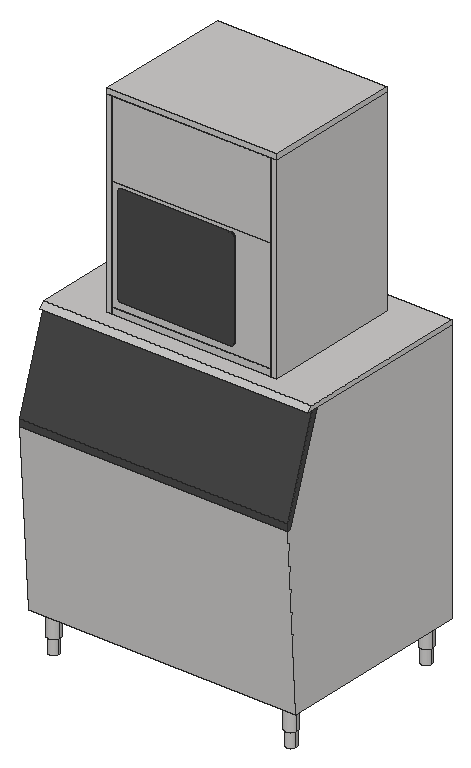
Revit family "QF_ELECTROLUXPROFESSIONAL_730293_IGF655M340SNP", category Attrezzature speciali, Revit 2018
Family settings
  Quota connettore circolare = Usa diametro
  Tipo di parte = Normale
  Basato su piano di lavoro = No
  Sempre verticale = Sì
  Taglio con vuoti quando caricato = No
  Condiviso = No
  Punto di calcolo locali = No
Parameters (values of type "Standard")
  Weight = 52.00 kg
  Watts = 0 W
  Volts = 200 V
  URL Manufacturer = "https://www.electroluxprofessional.com/"
  URL = "https://www.electroluxprofessional.com/"
  Steam Supply Size = 0 mm
  Steam Supply Minimum Pressure = 0.0 Pa
  Steam Supply Maximum Pressure = 0.0 Pa
  Steam Pounds per Hour = 0
  Show Logo [instance] = yes
  Show Clearance [instance] = yes
  Refrigeration Suction Line Size = 0 mm
  Refrigeration Liquid Line Size = 0 mm
  Refrigerant Compressor Remote = yes
  Produttore = "Electrolux Professional"
  Phase = 1
  Modello = "IGF655M340SNP"
  Length Actual = 762 mm  # constant formula
  Item Number = "730293"
  Hot Water Size = 0 mm
  Height Actual = 1972 mm  # constant formula
  HP = "0 HP"
  Gas Size = 0 mm
  Gas KW = 0
  Gas Input Pressure = 0 W
  Descrizione = "AIR COOLED GRANULAR ICE 655KG/24H-BIN 340KG MODULAR"
  Depth Actual = 819 mm  # constant formula
  Cycle = 50 Hz
  Condensate Return Size = 0 mm
  Compressed Air Volume = 0.0 L/s
  Compressed Air Size = 0 mm
  Compressed Air Pressure = 0.0 Pa
  Cold Water Size = 19.05 mm
  Accessory = yes
Reference planes
  plane 1 "Center X": y = 272.851
  plane 2: z = 0
  plane 3 "Center Y": x = -501.5
  plane 4: x = -264
  plane 5: z = 1252
  plane 6 "LEFT": x = -1035
  plane 7 "RIGHT": x = 32
  plane 8 "FRONT": y = -136.649
  plane 9 "BACK": y = 682.351
  plane 10: z = 153
  plane 11: z = 825
  plane 12: y = -93.649
  plane 13: z = 1224
  plane 14: y = -35.649
  plane 15: z = 1204
  plane 16: z = 2026
Forms (mm)
  Extrusion 1, solid, material "QF_Finishes_Stainless Steel"
    sketch origin (76.25, 50.5, 1224) x (1, 0, 0) y (0, 1, 0)
      loop
        line (-911.5, 547.851) -> (-911.5, -2.149) -> (-891.5, -2.149) -> (-891.5, 547.851) -> (-911.5, 547.851)
      loop
        line (-256.5, 547.851) -> (-256.5, -2.149) -> (-236.5, -2.149) -> (-236.5, 547.851) -> (-256.5, 547.851)
    from 0 to 782
  Extrusion 2, solid, material "QF_Finishes_Stainless Steel"
    sketch origin (76.25, 50.5, 1224) x (1, 0, 0) y (0, 1, 0)
      loop
        line (-891.5, 547.851) -> (-891.5, -2.149) -> (-256.5, -2.149) -> (-256.5, 547.851) -> (-891.5, 547.851)
    from 0 to 28
  Extrusion 3, solid, material "QF_Finishes_Black"
    sketch origin (-184, 48.351, 1224) x (-1, 0, 0) y (0, 0, -1)
      loop
        arc (592.5, -461.487) -> (603.107, -457.093) -> (607.5, -446.487) r 15
        line (607.5, -446.487) -> (607.5, -70.535)
        arc (607.5, -70.535) -> (603.107, -59.928) -> (592.5, -55.535) r 15
        line (592.5, -55.535) -> (156.771, -55.535)
        arc (156.771, -55.535) -> (146.165, -59.928) -> (141.771, -70.535) r 15
        line (141.771, -70.535) -> (141.771, -446.487)
        arc (141.771, -446.487) -> (146.165, -457.093) -> (156.771, -461.487) r 15
        line (156.771, -461.487) -> (592.5, -461.487)
    from 0 to 2
  Extrusion 4, solid, material "QF_Finishes_Stainless Steel"
    sketch origin (-425.25, 50.5, 1224) x (0, 1, 0) y (0, 0, 1)
      loop
        line (547.851, 28) -> (547.851, 782) -> (17.851, 782) -> (17.851, 477.028) -> (-2.149, 477.028) -> (-2.149, 28) -> (547.851, 28)
    from -390 to 245
  Extrusion 5, solid, material "QF_Finishes_Stainless Steel"
    sketch origin (-434.869, 598.351, 538.153) x (0, 0, -1) y (-1, 0, 0)
      loop
        circle (-808.847, -221.619) r 10
    from 0 to 10
  Extrusion 6, solid, material "QF_Finishes_Stainless Steel"
    sketch origin (-481.869, 598.351, 483.153) x (0, 0, -1) y (-1, 0, 0)
      loop
        circle (-808.847, -221.619) r 10
    from 0 to 10
  Extrusion 7, solid, material "QF_Finishes_Stainless Steel"
    sketch origin (-481.869, 598.351, 509.153) x (0, 0, -1) y (-1, 0, 0)
      loop
        circle (-808.847, -221.619) r 10
    from 0 to 10
  Extrusion 8, solid, material "QF_Finishes_Stainless Steel"
    sketch origin (-501.5, 0, 0) x (0, 1, 0) y (0, 0, 1)
      loop
        line (-93.649, 153) -> (682.351, 153) -> (682.351, 1204) -> (8.276, 1204) -> (-122.224, 825) -> (-136.649, 825) -> (-93.649, 153)
    from -533.5 to 533.5
  Extrusion 9, solid, material "QF_Finishes_Black"
    sketch origin (-501.5, 0, 0) x (0, 1, 0) y (0, 0, 1)
      loop
        line (-122.224, 825) -> (8.276, 1204) -> (-16.479, 1204) -> (-136.649, 855) -> (-136.649, 825) -> (-122.224, 825)
    from -533.5 to 533.5
  Extrusion 10, solid, material "QF_Finishes_Stainless Steel"
    sketch origin (-501.5, 0, 0) x (0, 1, 0) y (0, 0, 1)
      loop
        line (682.351, 1204) -> (682.351, 1224) -> (-17.149, 1224) -> (-35.649, 1204) -> (682.351, 1204)
    from -533.5 to 533.5
  Extrusion 11, solid, material "QF_Finishes_Stainless Steel"
    sketch origin (-259.902, 52.938, 153) x (1, 0, 0) y (0, -1, 0)
      loop
        circle (-241.598, -499.413) r 10
    from 0 to 10
  Extrusion 12, solid, material "QF_Finishes_Stainless Steel"
    sketch origin (76.25, 50.5, 1856) x (1, 0, 0) y (0, 1, 0)
      loop
        line (-911.5, 547.851) -> (-911.5, -2.149) -> (-236.5, -2.149) -> (-236.5, 547.851) -> (-911.5, 547.851)
    from 150 to 170
  Extrusion 13, solid, material "QF_Finishes_Stainless Steel"
    sketch origin (76.25, 50.5, 1898) x (1, 0, 0) y (0, 1, 0)
      loop
        line (-891.5, 17.851) -> (-891.5, -2.149) -> (-256.5, -2.149) -> (-256.5, 17.851) -> (-891.5, 17.851)
    from -196.972 to 108.027
Lines and regions (mm)
  Split face 1
    outline origin (-187.75, 48.351, 1898) x (-1, 0, 0) y (0, 0, -1)
      loop
        line (103.666, -89.673) -> (103.666, -44.673) -> (28.666, -44.673) -> (28.666, -89.673) -> (103.666, -89.673)
  Split face 2
    outline origin (-187.75, 48.351, 1898) x (-1, 0, 0) y (0, 0, -1)
      loop
        line (59.301, -84.13) -> (59.301, -49.93) -> (33.676, -49.93) -> (33.676, -84.13) -> (59.301, -84.13)
  symbolic lines
    curve 1: line (-835.25, 598.351, 0) -> (-160.25, 598.351, 0)
    curve 2: line (-835.25, 48.351, 0) -> (-835.25, 598.351, 0)
    curve 3: line (-160.25, 48.351, 0) -> (-835.25, 48.351, 0)
    curve 4: line (-160.25, 598.351, 0) -> (-160.25, 48.351, 0)
    curve 5: line (-1035, 682.351, 0) -> (32, 682.351, 0)
    curve 6: line (-1035, -136.649, 0) -> (-1035, 682.351, 0)
    curve 7: line (32, -136.649, 0) -> (-1035, -136.649, 0)
    curve 8: line (32, 682.351, 0) -> (32, -136.649, 0)
    curve 9: line (-1035, -35.649, 0) -> (32, -35.649, 0)
    curve 10: line (-1035, -17.149, 0) -> (32, -17.149, 0)
Dimensions and locks
  Extrusion 2 to plane 2 = 1224 mm
  equal spacing: plane 6 "LEFT", plane 3 "Center Y", plane 7 "RIGHT"
  plane 6 "LEFT" to plane 7 "RIGHT" = 1067 mm
  equal spacing: plane 9 "BACK", plane 1 "Center X", plane 8 "FRONT"
  plane 9 "BACK" to plane 8 "FRONT" = 819 mm
  locked: plane 10 to plane 2 at 153
  plane 11 to plane 10 = 672 mm
  plane 9 "BACK" to plane 12 = 776 mm
  plane 9 "BACK" to plane 14 = 718 mm  (x2)
  plane 16 to plane 13 = 802 mm
  plane 3 "Center Y" to Extrusion 12 = 333.75 mm
  aligned and locked: level to plane 2
  aligned and locked: Extrusion 2 sketch curve to Extrusion 1  (x3)
  aligned and locked: plane 5 to Extrusion 2
  aligned and locked: plane 5 to Extrusion 4 sketch curve
  aligned and locked: plane 7 "RIGHT" to Extrusion 8
  aligned and locked: Extrusion 8 to plane 6 "LEFT"
  aligned and locked: plane 7 "RIGHT" to Extrusion 9
  aligned and locked: Extrusion 9 to plane 6 "LEFT"
  aligned and locked: plane 7 "RIGHT" to Extrusion 10
  aligned and locked: Extrusion 10 to plane 6 "LEFT"
  aligned and locked: Extrusion 1 to Extrusion 12
  aligned and locked: Extrusion 4 to Extrusion 13
Automatic sketch dimensions
  plane 6 "LEFT" to Extrusion 1 sketch curve = 199.75 mm
  Extrusion 1 sketch curve to Extrusion 1 sketch curve = 20 mm  (x2)
  plane 4 to Extrusion 1 sketch curve = 83.75 mm
  Extrusion 1 sketch curve to plane 14 = 84 mm  (x2)
  Extrusion 1 sketch curve to plane 9 "BACK" = 84 mm  (x2)
  plane 4 to Extrusion 2 sketch curve = 83.75 mm
  plane 5 to Extrusion 3 sketch curve = 42.535 mm
  plane 3 "Center Y" to Extrusion 3 sketch curve = 175.729 mm
  plane 5 to Extrusion 3 sketch curve = 27.535 mm
  Extrusion 3 sketch curve to Extrusion 3 sketch curve = 15 mm  (x2)
  plane 6 "LEFT" to Extrusion 3 sketch curve = 258.5 mm  (x2)
  Extrusion 4 sketch curve to plane 14 = 84 mm
  Extrusion 4 sketch curve to Extrusion 4 sketch curve = 20 mm
  Extrusion 4 sketch curve to plane 9 "BACK" = 84 mm
  plane 5 to Extrusion 5 sketch curve = 95 mm
  plane 4 to Extrusion 5 sketch curve = 50.75 mm
  plane 5 to Extrusion 6 sketch curve = 40 mm
  plane 4 to Extrusion 6 sketch curve = 3.75 mm
  plane 5 to Extrusion 7 sketch curve = 66 mm
  plane 4 to Extrusion 7 sketch curve = 3.75 mm
  Extrusion 8 sketch curve to plane 8 "FRONT" = 0 mm
  Extrusion 8 sketch curve to plane 11 = 0 mm
  Extrusion 8 sketch curve to plane 10 = 0 mm
  Extrusion 8 sketch curve to plane 12 = 0 mm
  Extrusion 8 sketch curve to plane 15 = 0 mm
  Extrusion 8 sketch curve to plane 9 "BACK" = 0 mm
  Extrusion 8 sketch curve to Extrusion 8 sketch curve = 14.425 mm
  Extrusion 8 sketch curve to plane 14 = 43.925 mm
  Extrusion 9 sketch curve to plane 8 "FRONT" = 0 mm
  Extrusion 9 sketch curve to plane 11 = 0 mm
  Extrusion 9 sketch curve to plane 15 = 0 mm
  Extrusion 9 sketch curve to Extrusion 9 sketch curve = 14.425 mm
  Extrusion 9 sketch curve to plane 14 = 19.17 mm
  Extrusion 9 sketch curve to Extrusion 9 sketch curve = 24.755 mm
  Extrusion 9 sketch curve to Extrusion 9 sketch curve = 30 mm
  Extrusion 10 sketch curve to plane 14 = 0 mm
  Extrusion 10 sketch curve to plane 13 = 0 mm
  Extrusion 10 sketch curve to plane 9 "BACK" = 0 mm
  Extrusion 10 sketch curve to plane 15 = 0 mm
  Extrusion 10 sketch curve to plane 14 = 18.5 mm
  Extrusion 11 sketch curve to Extrusion 8 = 130 mm
  Extrusion 11 sketch curve to Extrusion 8 = 533.5 mm
  plane 6 "LEFT" to Extrusion 12 sketch curve = 199.75 mm
  plane 4 to Extrusion 12 sketch curve = 103.75 mm
  Extrusion 12 sketch curve to plane 14 = 84 mm
  Extrusion 12 sketch curve to plane 9 "BACK" = 84 mm
  plane 6 "LEFT" to Extrusion 13 sketch curve = 219.75 mm
  plane 4 to Extrusion 13 sketch curve = 83.75 mm
  Extrusion 13 sketch curve to plane 14 = 84 mm
  Extrusion 13 sketch curve to Extrusion 13 sketch curve = 20 mm
  Extrusion 4 sketch curve to plane 16 = 20 mm
  Extrusion 3 sketch curve to Extrusion 3 sketch curve = 375.952 mm
  plane 5 to Extrusion 4 sketch curve = 449.028 mm
  Split face 2 sketch curve to Extrusion 13 = 41.176 mm
  Split face 2 sketch curve to Split face 2 sketch curve = 25.625 mm
  Split face 2 sketch curve to Extrusion 13 = 23.896 mm
  Split face 2 sketch curve to Split face 2 sketch curve = 34.2 mm
  Split face 1 sketch curve to Extrusion 13 = 36.166 mm
  Split face 1 sketch curve to Split face 1 sketch curve = 75 mm
  Split face 1 sketch curve to Extrusion 13 = 18.354 mm
  Split face 1 sketch curve to Split face 1 sketch curve = 45 mm
  curve 6 to plane 6 "LEFT" = 0 mm
  curve 8 to plane 7 "RIGHT" = 0 mm
  curve 7 to plane 8 "FRONT" = 0 mm
  plane 14 to curve 9 = 0 mm
  curve 5 to plane 9 "BACK" = 0 mm
  curve 2 to plane 14 = 84 mm
  plane 6 "LEFT" to curve 2 = 199.75 mm
  plane 4 to curve 4 = 103.75 mm
  curve 1 to plane 9 "BACK" = 84 mm
  curve 10 to plane 14 = 18.5 mm
  radius of Extrusion 5 sketch curve = 10 mm
  radius of Extrusion 6 sketch curve = 10 mm
  radius of Extrusion 7 sketch curve = 10 mm
  radius of Extrusion 11 sketch curve = 10 mm
Nested families
  nested 1: "Foot_Complete" at (-975, -43.649, 0), type "Foot_Complete"
  nested 2: "Foot_Complete" at (-28, -43.649, 0) x (-1, 0, 0) z (0, 0, 1), type "Foot_Complete"
  nested 3: "Foot_Complete" at (-898.75, 632.351, 0), type "Foot_Complete"
  nested 4: "Foot_Complete" at (-28, 632.351, 0) x (-1, 0, 0) z (0, 0, 1), type "Foot_Complete"
Connectors
  electrical at (-260.25, 608.351, 1292), driven by "Volts"
    settings: on Extrusion 6, index 1, voltage 200 V, apparent load 0 VA, apparent load phase1 0 VA, apparent load phase2 0 VA, apparent load phase3 0 VA, power factor 1, load classification "Altro", number of poles 1, system type 30, power factor state 1, is connector primary yes, connector utility no, sub classification motor no, connector description "Electrical Connection"
  piping at (-213.25, 608.351, 1347), diameter 20
    settings: on Extrusion 5, index 2, connector inside diameter 609.6 mm, connector length 0 mm, flow factor 0, pipe flow 0.0 L/s, pressure drop 0.0 Pa, fitting loss kfactor 0, connector angle 0.00°, fixture units 0, engagement length 0 mm, angle of deflection 0.00°, flow configuration 0, flow direction 0, fitting loss method 0, system type 20, joint type 0, gender type 0, connector reference index -1, connector utility 0, adjustable connector no, is connector primary yes, connector description "Cold water"
  piping at (-260.25, 608.351, 1318), diameter 20
    settings: on Extrusion 7, index 3, connector inside diameter 609.6 mm, connector length 0 mm, flow factor 0, pipe flow 0.0 L/s, pressure drop 0.0 Pa, fitting loss kfactor 0, connector angle 0.00°, fixture units 0, engagement length 0 mm, angle of deflection 0.00°, flow configuration 0, flow direction 0, fitting loss method 0, system type 16, joint type 0, gender type 0, connector reference index -1, connector utility 0, adjustable connector no, is connector primary no, connector description "Drain"
  piping at (-501.5, 552.351, 143), diameter 20
    settings: on Extrusion 11, index 4, connector inside diameter 609.6 mm, connector length 0 mm, flow factor 0, pipe flow 0.0 L/s, pressure drop 0.0 Pa, fitting loss kfactor 0, connector angle 0.00°, fixture units 0, engagement length 0 mm, angle of deflection 0.00°, flow configuration 0, flow direction 0, fitting loss method 0, system type 16, joint type 0, gender type 0, connector reference index -1, connector utility 0, adjustable connector no, is connector primary no, connector description "Drain"
Definition of nested family "Foot_Complete"
  Parameters (values of type "Foot_Complete")
    R = 25 mm
    H = 153 mm
  Reference planes
    plane 1 "Centro (Fronte/Retro)": y = 0
    plane 2: z = 0
    plane 3 "Centro (Sinistra/Destra)": x = 0
    plane 4: z = 153
  Forms (mm)
    Revolve 1, solid
      sketch origin (255.05, 0, 608.09) x (0, 0, 1) y (-1, 0, 0)
        loop
          line (-608.09, 255.05) -> (-608.09, 235.05) -> (-548.09, 235.05) -> (-548.09, 230.05) -> (-455.09, 230.05) -> (-455.09, 255.05) -> (-608.09, 255.05)
        axis (-608.09, 255.05) -> (-455.09, 255.05)
      angle from 0 to 360
  Dimensions and locks
    level to Revolve 1 sketch curve = 60 mm
    "R": Revolve 1 sketch curve to plane 3 "Centro (Sinistra/Destra)"
    "H": plane 4 to level
    aligned and locked: level to plane 2
    aligned and locked: plane 4 to Revolve 1 sketch curve
    aligned and locked: Revolve 1 sketch curve to level
    aligned and locked: plane 3 "Centro (Sinistra/Destra)" to Revolve 1 sketch curve
  Automatic sketch dimensions
    Revolve 1 sketch curve to plane 3 "Centro (Sinistra/Destra)" = 0 mm
    plane 3 "Centro (Sinistra/Destra)" to Revolve 1 sketch curve = 20 mm
    Revolve 1 sketch curve to Revolve 1 sketch curve = 50 mm
    Revolve 1 sketch curve to Revolve 1 sketch curve = 20 mm
